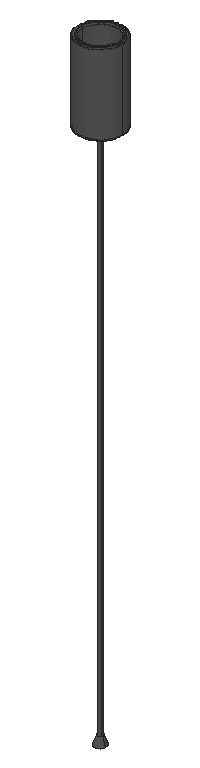
Revit family "CARLO CYLINDER LIGHT Pendant_ Surface", category Lighting Fixtures, host Face, Revit 2020 (continued)
Types (13): name | Wattage_Input | Wattage Comments | Wattage | built-in parameter 1150134 | Size 08 | Size 04 | Photometric Web File | built-in parameter 1150142 | Model | built-in parameter 1150105 | Lumens | built-in parameter 1150107 | built-in parameter 1150106 | Fixture Height | Fixture Diameter | BEAMING ANGLE | Apparent Load
  CCL6-08-30SPSW8-40-PSM-BK | 30 W | "18W/24W/30W" | 16.1571 W | (empty or 0) | yes | no | "CCL6_30W_3000K_40__.IES" | "IESNA:LM-63-2002\r\n[TEST] CCL6 30W 3000K 40¡ã\r\n[TESTLAB] EVERFINE\r\n[TESTDATE] 2024-03-09\r\n[ISSUEDATE] 2024-03-09 15:35:36\r\n[NEARFIELD] \r\n[LAMPPOSITION] 0,0\r\n[OTHER] EVERFINE GO-2000B_V1 SYSTEM\r\n[MANUFAC] Aboveall lighting\r\nTILT=NONE\r\n1 2345.1 1 181 17 1 2 -0.103 -0.103 0.000\r\n1.000 1 28.0501\r\n0.0    1.0    2.0    3.0    4.0    5.0    6.0    7.0    8.0    9.0    \r\n 10.0   11.0   12.0   13.0   14.0   15.0   16.0   17.0   18.0   19.0   \r\n 20.0   21.0   22.0   23.0   24.0   25.0   26.0   27.0   28.0   29.0   \r\n 30.0   31.0   32.0   33.0   34.0   35.0   36.0   37.0   38.0   39.0   \r\n 40.0   41.0   42.0   43.0   44.0   45.0   46.0   47.0   48.0   49.0   \r\n 50.0   51.0   52.0   53.0   54.0   55.0   56.0   57.0   58.0   59.0   \r\n 60.0   61.0   62.0   63.0   64.0   65.0   66.0   67.0   68.0   69.0   \r\n 70.0   71.0   72.0   73.0   74.0   75.0   76.0   77.0   78.0   79.0   \r\n 80.0   81.0   82.0   83.0   84.0   85.0   86.0   87.0   88.0   89.0   \r\n 90.0   91.0   92.0   93.0   94.0   95.0   96.0   97.0   98.0   99.0   \r\n 100.0  101.0  102.0  103.0  104.0  105.0  106.0  107.0  108.0  109.0  \r\n 110.0  111.0  112.0  113.0  114.0  115.0  116.0  117.0  118.0  119.0  \r\n 120.0  121.0  122.0  123.0  124.0  125.0  126.0  127.0  128.0  129.0  \r\n 130.0  131.0  132.0  133.0  134.0  135.0  136.0  137.0  138.0  139.0  \r\n 140.0  141.0  142.0  143.0  144.0  145.0  146.0  147.0  148.0  149.0  \r\n 150.0  151.0  152.0  153.0  154.0  155.0  156.0  157.0  158.0  159.0  \r\n 160.0  161.0  162.0  163.0  164.0  165.0  166.0  167.0  168.0  169.0  \r\n 170.0  171.0  172.0  173.0  174.0  175.0  176.0  177.0  178.0  179.0  \r\n 180.0  \r\n0.0    22.5   45.0   67.5   90.0   112.5  135.0  157.5  180.0  202.5  \r\n 225.0  247.5  270.0  292.5  315.0  337.5  360.0  \r\n4339.1 4341.3 4346.5 4342.2 4335.5 4320 4284 4232.3 4160 4073.6 \r\n 3955.9 3824.5 3675.9 3504.3 3306.7 3088.4 2851.9 2611.9 2367.8 2132.8 \r\n 1902.6 1685.1 1487.5 1316.5 1166.7 1068.1 981.09 915.03 867.22 832.69 \r\n 808.41 791.01 777.84 767.86 759.04 750.7 742.41 733.78 717.81 697.76 \r\n 657.46 595.06 518.39 437.54 356.25 277.98 199.22 127.93 77.701 54.483 \r\n 46.503 38.55 32.606 29.574 27.226 25.06 22.943 21.037 19.249 17.422 \r\n 15.702 13.987 12.419 10.915 9.5669 8.2838 7.1322 6.093 5.1622 4.3712 \r\n 3.7523 3.2858 2.9014 2.6077 2.3785 2.1857 2.0448 1.9283 1.8478 1.7795 \r\n 1.7827 1.8264 1.926 1.7965 1.7117 1.2437 1.0638 0.56675 0.32326 0.11848 \r\n 0.021088 0.00021523 0 0 0 0 0 0 0 0 \r\n 0 0.007924 0.027827 0.047864 0.071865 0.1197 0.15184 0.19972 0.25572 0.31182 \r\n 0.37585 0.436 0.50007 0.57211 0.64424 0.7243 0.80841 0.88838 0.97248 1.0685 \r\n 1.1686 1.2609 1.3649 1.485 1.6052 1.7452 1.8895 2.0456 2.2292 2.4095 \r\n 2.6136 2.8298 3.07 3.3025 3.5587 3.831 4.1194 4.4158 4.7282 5.0328 \r\n 5.3603 5.6928 6.0294 6.3739 6.7265 7.0751 7.4238 7.7764 8.129 8.4737 \r\n 8.8144 9.158 9.4789 9.7995 10.116 10.405 10.697 10.97 11.235 11.491 \r\n 11.74 11.968 12.18 12.357 12.518 12.646 12.759 12.823 12.876 12.904 \r\n 12.912 12.912 12.892 12.849 12.812 12.776 12.776 12.784 12.824 12.899 \r\n 12.936 \r\n4339.1 4332.6 4329.3 4321.8 4312.1 4288.8 4253.1 4200.3 4123 4034.3 \r\n 3921.7 3796.3 3648.1 3477.7 3292.9 3085.4 2865.1 2631.9 2398.7 2172.3 \r\n 1944.8 1731.5 1534.4 1358.8 1213.7 1093.4 998.98 924.59 870.15 832.76 \r\n 806.32 786.96 772.98 761.35 752.06 742.38 733.27 724.43 712 694.96 \r\n 656.35 593.51 520.34 442.23 357.98 279.39 200.89 133.4 76.876 51.989 \r\n 44.606 38.254 32.278 29.396 27.031 25.003 22.964 20.999 19.359 17.645 \r\n 16.027 14.448 12.93 11.445 10.094 8.7325 7.5311 6.4222 5.4499 4.6532 \r\n 3.9454 3.4013 2.9615 2.6295 2.3617 2.1541 1.978 1.8381 1.7342 1.6707 \r\n 1.6789 1.7153 1.7817 1.6657 1.5673 1.2393 0.96307 0.62679 0.33482 0.11525 \r\n 0 0 0 0 0 0.000038 0.0040452 0.0080523 0.012108 0.024099 \r\n 0.032114 0.040227 0.060297 0.084375 0.1125 0.14856 0.18474 0.23283 0.28103 0.34095 \r\n 0.39711 0.46126 0.52941 0.60151 0.66974 0.74992 0.834 0.91028 1.0025 1.0946 \r\n 1.1866 1.2908 1.391 1.4993 1.6197 1.756 1.9003 2.0488 2.2252 2.4096 \r\n 2.6061 2.8187 3.0466 3.2951 3.5477 3.8203 4.097 4.4015 4.6982 5.0148 \r\n 5.3355 5.6641 6.0008 6.3486 6.7011 7.0459 7.4105 7.7631 8.1156 8.4564 \r\n 8.8088 9.1375 9.4777 9.7783 10.082 10.382 10.667 10.943 11.208 11.464 \r\n 11.708 11.937 12.145 12.333 12.493 12.629 12.736 12.804 12.836 12.836 \r\n 12.836 12.816 12.776 12.728 12.692 12.688 12.704 12.74 12.788 12.848 \r\n 12.936 \r\n4339.1 4325.9 4313.6 4299.7 4280.6 4248.5 4204.8 4140.8 4059.6 3964.1 \r\n 3851.8 3720.4 3573 3403 3218.1 3011.7 2794.6 2571.4 2342.1 2121.9 \r\n 1904.9 1697.8 1506.9 1336.8 1189.4 1086.7 984.51 911.84 861.24 824.74 \r\n 798.71 779.52 765.47 754.18 743.79 734.41 725.85 715.49 701.52 674.39 \r\n 624.95 558.61 479.74 403.99 322.98 247.21 172.76 120.58 68.639 49.938 \r\n 41.873 34.461 30.574 27.903 25.504 23.4 21.459 19.662 18.006 16.386 \r\n 14.902 13.364 11.996 10.629 9.3735 8.1667 7.0477 6.0485 5.1577 4.3593 \r\n 3.6966 3.2179 2.8293 2.5435 2.3025 2.1215 1.9609 1.8482 1.7558 1.723 \r\n 1.7187 1.7623 1.7984 1.692 1.5561 1.1943 0.9484 0.53371 0.31101 0.098536 \r\n 0.016906 0.00017219 0 0 0 0 0 0 0 0 \r\n 0 0.003962 0.023821 0.059713 0.079919 0.11978 0.15579 0.20768 0.25582 0.31578 \r\n 0.37985 0.44001 0.50408 0.58008 0.65226 0.72835 0.81639 0.89639 0.98049 1.0805 \r\n 1.1767 1.2689 1.3769 1.493 1.6172 1.7533 1.8975 2.0576 2.2333 2.4214 \r\n 2.6256 2.8419 3.082 3.3304 3.5947 3.871 4.1555 4.4598 4.7683 5.0848 \r\n 5.3965 5.7368 6.0814 6.4339 6.7866 7.1392 7.4879 7.8444 8.1931 8.5259 \r\n 8.8545 9.1823 9.495 9.8115 10.108 10.389 10.67 10.938 11.191 11.451 \r\n 11.68 11.9 12.104 12.273 12.414 12.538 12.627 12.691 12.724 12.732 \r\n 12.732 12.728 12.688 12.64 12.604 12.572 12.552 12.548 12.591 12.687 \r\n 12.936 \r\n4339.1 4311.7 4295.4 4276.9 4247.3 4207.7 4152.5 4081.8 3998.9 3902.3 \r\n 3791.7 3663.9 3516.6 3350.1 3166.9 2965.1 2760.4 2542.1 2323.8 2106.4 \r\n 1894.2 1690 1501.2 1332.3 1187.8 1067.6 974.29 903.61 853.4 819.12 \r\n 793.73 775.8 762.16 750.7 740.36 729.6 719.35 708.8 693.76 660.49 \r\n 605.5 541.61 466.14 386.9 307.72 235.9 164.19 104.7 63.054 47.435 \r\n 39.663 32.637 29.967 27.205 24.807 22.801 20.907 19.188 17.574 16.012 \r\n 14.498 13.071 11.686 10.384 9.1098 7.9636 6.8035 5.8899 4.9857 4.2609 \r\n 3.5934 3.1173 2.7214 2.4175 2.1776 1.994 1.846 1.7342 1.6706 1.675 \r\n 1.7228 1.7347 1.729 1.5376 1.4427 1.0715 0.84648 0.45521 0.25472 0.039742 \r\n 0 0 0 0 0.000074 0.0080125 0.0080903 0.016065 0.020121 0.032112 \r\n 0.040158 0.052278 0.076322 0.10037 0.12459 0.16863 0.20878 0.25694 0.313 0.36504 \r\n 0.42919 0.49728 0.56146 0.63363 0.7098 0.78994 0.87013 0.95432 1.0425 1.1348 \r\n 1.2346 1.3309 1.4392 1.5554 1.6798 1.8161 1.9604 2.1169 2.2933 2.4818 \r\n 2.6864 2.9069 3.1428 3.3954 3.66 3.9445 4.2293 4.5418 4.8505 5.1751 \r\n 5.4998 5.8365 6.1811 6.5288 6.8734 7.222 7.5667 7.9113 8.2558 8.5884 \r\n 8.9169 9.2414 9.5579 9.8623 10.158 10.45 10.723 10.987 11.248 11.496 \r\n 11.732 11.961 12.161 12.325 12.477 12.588 12.672 12.704 12.704 12.7 \r\n 12.679 12.639 12.607 12.567 12.532 12.536 12.552 12.584 12.665 12.768 \r\n 12.936 \r\n4339.1 4343.1 4321.5 4295.1 4261.1 4212.6 4147 4070.6 3975.5 3878.1 \r\n 3763.8 3635.2 3484.2 3315 3133.3 2933 2723.4 2513.8 2295.6 2078 \r\n 1867.3 1666.6 1476.5 1307.9 1166.6 1052 964.83 899.79 854.73 823.23 \r\n 801.02 784.48 770.88 758.03 746.21 734.89 724.57 711.99 694.06 650.06 \r\n 588.96 520.5 446.75 368.24 293.38 224.53 155.78 96.038 61.043 49.046 \r\n 41.422 32.716 29.882 27.002 24.668 22.539 20.674 19.02 17.414 15.899 \r\n 14.363 13.031 11.567 10.364 9.0946 7.9451 6.8485 5.8841 5.0433 4.2674 \r\n 3.6278 3.1244 2.7446 2.4368 2.189 1.9975 1.8378 1.7296 1.6223 1.5986 \r\n 1.6065 1.6059 1.5535 1.4724 1.3144 1.0143 0.74985 0.41832 0.19049 0.019859 \r\n 0.0040503 0.0081025 0.015979 0.012066 0.016073 0.020129 0.028094 0.032202 0.044069 0.044194 \r\n 0.056302 0.07625 0.088406 0.11245 0.13659 0.16874 0.20881 0.24903 0.30108 0.34924 \r\n 0.41715 0.46549 0.53754 0.60174 0.67392 0.75015 0.83425 0.91449 1.0027 1.0949 \r\n 1.1908 1.283 1.3794 1.4957 1.6199 1.7443 1.8807 2.0331 2.1976 2.3781 \r\n 2.5706 2.7745 2.9952 3.2438 3.5043 3.765 4.0497 4.3463 4.6511 4.9756 \r\n 5.2922 5.617 5.9576 6.2973 6.638 6.9866 7.3274 7.6838 8.0244 8.3651 \r\n 8.7057 9.0462 9.3784 9.6831 9.9947 10.295 10.588 10.876 11.14 11.409 \r\n 11.657 11.893 12.105 12.301 12.469 12.605 12.717 12.785 12.84 12.864 \r\n 12.888 12.896 12.9 12.924 12.936 12.957 13.005 13.073 13.162 13.249 \r\n 12.936 \r\n4339.1 4334.7 4311.7 4277.4 4235.2 4174.9 4102 4017.6 3922.8 3818 \r\n 3696.9 3559 3400.1 3220.4 3031.4 2834.4 2620.6 2401.7 2183.1 1966.9 \r\n 1761 1563.5 1383.1 1228.5 1118.2 1008.3 930.99 876.5 837.88 808.74 \r\n 788.25 771.99 758.88 747.35 737.53 727.45 719.15 706.19 679.42 626.65 \r\n 556.73 484.28 410.72 336.67 260.24 184.18 127.9 71.791 50.349 42.721 \r\n 35.859 31.546 28.91 26.265 24.216 22.216 20.506 18.875 17.22 15.684 \r\n 14.189 12.746 11.407 10.088 8.8848 7.6707 6.6551 5.6572 4.8302 4.0525 \r\n 3.4778 3.036 2.6837 2.4025 2.1696 1.9888 1.8362 1.7197 1.6154 1.539 \r\n 1.4867 1.4823 1.4426 1.355 1.0962 0.86355 0.5438 0.32248 0.10605 0.024718 \r\n 0.0081446 0.0040383 0.0040063 0.0040063 0.0040063 0.0040063 0.0040063 0.0040063 0.0040063 0.011948 \r\n 0.015991 0.043836 0.055991 0.079938 0.11193 0.14399 0.18786 0.23988 0.288 0.34006 \r\n 0.39612 0.46017 0.52826 0.60035 0.67646 0.75657 0.83274 0.92057 1.0087 1.1009 \r\n 1.197 1.2892 1.4012 1.5214 1.6456 1.7857 1.922 2.086 2.2578 2.442 \r\n 2.6462 2.8625 3.0987 3.3471 3.6154 3.8878 4.1762 4.4807 4.7971 5.1097 \r\n 5.4175 5.7459 6.0903 6.4389 6.7796 7.1242 7.4728 7.8214 8.1701 8.5227 \r\n 8.8475 9.1791 9.4958 9.8005 10.101 10.386 10.67 10.935 11.195 11.436 \r\n 11.665 11.881 12.065 12.226 12.362 12.474 12.547 12.611 12.632 12.652 \r\n 12.652 12.652 12.652 12.652 12.668 12.692 12.743 12.803 12.887 12.995 \r\n 12.936 \r\n4339.1 4331.1 4307.5 4274.6 4225 4163 4087.5 4004 3908.8 3800.6 \r\n 3674.3 3525.3 3353.7 3170.1 2978.5 2770.2 2551.6 2333.1 2113.3 1900 \r\n 1694.4 1504.5 1332.4 1191.3 1077 986.57 915.35 865.19 828.64 802.34 \r\n 782.85 767.54 755.49 746.51 738.37 731.02 721.96 709.37 672.32 614.85 \r\n 547.43 473.48 393.65 312.12 240.42 168.84 107.14 64.855 51.059 42.423 \r\n 33.869 30.895 28.253 25.77 23.62 21.64 19.973 18.319 16.74 15.143 \r\n 13.672 12.199 10.856 9.5201 8.3489 7.1453 6.1877 5.2439 4.4795 3.804 \r\n 3.2842 2.8608 2.5529 2.301 2.0892 1.9255 1.7776 1.6653 1.5418 1.4822 \r\n 1.4703 1.4732 1.3736 1.3224 1.0187 0.78113 0.45443 0.22622 0.019821 0.000043 \r\n 0.0040943 0.012019 0.012111 0.020078 0.024086 0.028093 0.03205 0.032253 0.048116 0.052207 \r\n 0.064357 0.088357 0.10839 0.12857 0.16072 0.20089 0.24892 0.29305 0.34124 0.39727 \r\n 0.46147 0.53351 0.59772 0.66985 0.74207 0.82221 0.90241 0.98666 1.0788 1.1671 \r\n 1.2709 1.3633 1.4755 1.5879 1.7163 1.8606 2.0089 2.1654 2.338 2.5345 \r\n 2.7429 2.9549 3.1876 3.4441 3.7048 3.9813 4.266 4.5666 4.8714 5.1917 \r\n 5.4927 5.8295 6.178 6.5217 6.8625 7.227 7.5757 7.9243 8.2768 8.6173 \r\n 8.946 9.2862 9.5908 9.8952 10.191 10.475 10.752 11.016 11.264 11.504 \r\n 11.725 11.929 12.101 12.257 12.377 12.468 12.54 12.584 12.584 12.584 \r\n 12.584 12.584 12.588 12.6 12.628 12.672 12.716 12.777 12.861 12.933 \r\n 12.936 \r\n4339.1 4326.3 4304.9 4268.7 4217 4151.8 4077.3 3992.1 3890.5 3773 \r\n 3635.6 3477.4 3295.8 3108.8 2898 2673.5 2443.3 2212 1992.9 1781.9 \r\n 1585.5 1406.7 1251.7 1143.4 1035.4 955.7 894.2 852.31 821.71 800.77 \r\n 785.8 773.57 764.64 753.89 742.55 733.33 721.62 701.49 657.18 594.74 \r\n 520.2 440.74 359.34 276.62 198.69 132.3 93.236 54.394 44.836 37.118 \r\n 31.563 29.168 26.697 24.49 22.481 20.652 19.027 17.361 15.773 14.234 \r\n 12.802 11.368 10.056 8.8134 7.6505 6.5917 5.633 4.7985 4.0842 3.5378 \r\n 3.1081 2.7629 2.4985 2.2856 2.0931 1.9444 1.816 1.7116 1.6114 1.5946 \r\n 1.5865 1.6024 1.515 1.3121 1.0403 0.69238 0.41916 0.14667 0.040972 0.012257 \r\n 0.0040723 0.0040063 0.0040063 0.0040063 0.0040063 0.0040063 0.0040063 0.0040063 0.0040063 0.011948 \r\n 0.031879 0.047942 0.075893 0.099969 0.13594 0.18394 0.22793 0.27597 0.332 0.39207 \r\n 0.46012 0.52427 0.59236 0.66445 0.74056 0.8167 0.90477 0.99665 1.0809 1.1809 \r\n 1.2771 1.3852 1.5013 1.6176 1.7497 1.8978 2.054 2.2222 2.398 2.5981 \r\n 2.8144 3.0347 3.2829 3.5314 3.8036 4.0801 4.3725 4.673 4.9894 5.306 \r\n 5.6257 5.9582 6.3066 6.6592 7.0039 7.3565 7.7052 8.0578 8.4104 8.7432 \r\n 9.0758 9.4035 9.7122 10.017 10.309 10.586 10.859 11.115 11.356 11.584 \r\n 11.797 11.985 12.153 12.294 12.41 12.499 12.567 12.599 12.624 12.62 \r\n 12.62 12.62 12.612 12.604 12.604 12.616 12.663 12.735 12.831 12.939 \r\n 12.936 \r\n4339.1 4325.6 4307.1 4274.6 4227.8 4168.2 4095.5 4013.5 3909.2 3794.5 \r\n 3655 3487.3 3304.8 3100.8 2883.3 2648.7 2414.1 2177.1 1958.3 1745.8 \r\n 1549.5 1374.2 1227.4 1111.7 1018.8 944.85 888.98 850.43 823.36 804.36 \r\n 789.91 778.63 768.83 759.88 750.03 741.04 727.01 703.05 654.94 588.44 \r\n 511.71 433.74 352.35 269.18 186.16 117.64 71.185 49.378 41.751 35.132 \r\n 31.245 28.662 26.486 24.343 22.423 20.475 18.835 17.121 15.562 13.998 \r\n 12.595 11.162 9.852 8.6069 7.4531 6.4083 5.4725 4.712 4.0328 3.5328 \r\n 3.1131 2.7852 2.5173 2.2973 2.1135 1.9657 1.8338 1.7346 1.727 1.7512 \r\n 1.7941 1.7328 1.5632 1.2913 1.0607 0.65383 0.3975 0.087234 0 0 \r\n 0.00013207 0.012064 0.016025 0.016119 0.024038 0.024087 0.028144 0.036158 0.044191 0.056255 \r\n 0.07237 0.096413 0.1205 0.14864 0.18476 0.22492 0.27311 0.32916 0.38135 0.44134 \r\n 0.5055 0.57362 0.64174 0.71 0.79014 0.87034 0.95454 1.0428 1.1389 1.2272 \r\n 1.3271 1.4314 1.5437 1.668 1.8005 1.9487 2.0933 2.2697 2.4502 2.6468 \r\n 2.8633 3.0911 3.3198 3.5765 3.8489 4.1177 4.4103 4.7149 5.0237 5.348 \r\n 5.653 5.9976 6.3384 6.69 7.0386 7.3833 7.7319 8.0805 8.429 8.7656 \r\n 9.0981 9.4225 9.7349 10.031 10.323 10.607 10.872 11.144 11.38 11.609 \r\n 11.821 12.029 12.205 12.341 12.465 12.556 12.62 12.628 12.628 12.624 \r\n 12.62 12.6 12.6 12.604 12.612 12.624 12.665 12.741 12.817 12.913 \r\n 12.936 \r\n4339.1 4325.9 4313.2 4286.6 4242 4185.2 4115.2 4031.9 3928 3808.5 \r\n 3669.1 3500.3 3304.3 3092.6 2867.4 2628.6 2381.7 2144.6 1918 1701.8 \r\n 1503.8 1329.3 1188.6 1093.5 998.87 928.64 878.9 844.17 819.43 801.53 \r\n 787.49 776.52 766.31 757.57 748.59 738.74 723.52 695.58 641.28 575.24 \r\n 496.69 416.42 328.27 249.16 173.82 117.51 61.356 46.374 39.918 33.881 \r\n 31.223 28.653 26.696 24.625 22.704 20.821 19.096 17.349 15.733 14.154 \r\n 12.687 11.268 9.8688 8.6608 7.4149 6.4029 5.4209 4.6259 3.9556 3.4573 \r\n 3.0519 2.7306 2.4903 2.2776 2.1168 1.9803 1.8679 1.8034 1.7949 1.8306 \r\n 1.8666 1.7755 1.6475 1.2936 1.0559 0.60522 0.37866 0.10264 0.028673 0.00023798 \r\n 0 0 0 0 0 0 0 0.0039691 0.0040063 0.015919 \r\n 0.031913 0.059861 0.079964 0.10795 0.14395 0.18399 0.23983 0.28799 0.34005 0.40405 \r\n 0.4642 0.53225 0.5964 0.67243 0.74857 0.83266 0.91681 1.0087 1.1008 1.193 \r\n 1.2891 1.3972 1.5173 1.6495 1.7857 1.9339 2.0901 2.2623 2.45 2.6423 \r\n 2.8703 3.0868 3.331 3.5874 3.8597 4.1362 4.4246 4.7251 5.0296 5.3461 \r\n 5.6697 5.9943 6.3467 6.6953 7.044 7.3886 7.7412 8.0779 8.4304 8.7672 \r\n 9.0919 9.4156 9.7282 10.013 10.309 10.582 10.847 11.103 11.336 11.56 \r\n 11.805 11.973 12.122 12.25 12.338 12.415 12.463 12.487 12.488 12.488 \r\n 12.488 12.472 12.468 12.46 12.459 12.471 12.519 12.587 12.675 12.759 \r\n 12.936 \r\n4339.1 4332.1 4324.8 4305.1 4275.1 4230.2 4168.2 4090.5 3993.3 3881.1 \r\n 3748.3 3586.5 3396.8 3187.3 2960.1 2713.5 2466.8 2215.2 1985.2 1757 \r\n 1545.2 1360.5 1212.6 1098.3 1006.7 936.33 886.27 851.59 826.38 808.3 \r\n 794.5 784.13 775.15 765.65 756.84 748.13 732.52 705.81 659.11 591.44 \r\n 510.76 432.88 348.07 268.58 189.21 121.9 72.669 49.635 42.415 35.972 \r\n 31.634 29.353 27.325 25.32 23.417 21.52 19.827 18.013 16.327 14.701 \r\n 13.131 11.673 10.244 8.9746 7.749 6.6521 5.6606 4.8842 4.1965 3.6528 \r\n 3.217 2.8734 2.6136 2.4057 2.2424 2.1514 2.1515 2.1642 2.2394 2.2309 \r\n 2.1739 2.0364 1.7945 1.4303 1.1009 0.70546 0.41388 0.13882 0.0039642 0.000043 \r\n 0.0039622 0.000090 0.0080585 0.012066 0.016121 0.024038 0.024137 0.032152 0.040185 0.052207 \r\n 0.064
